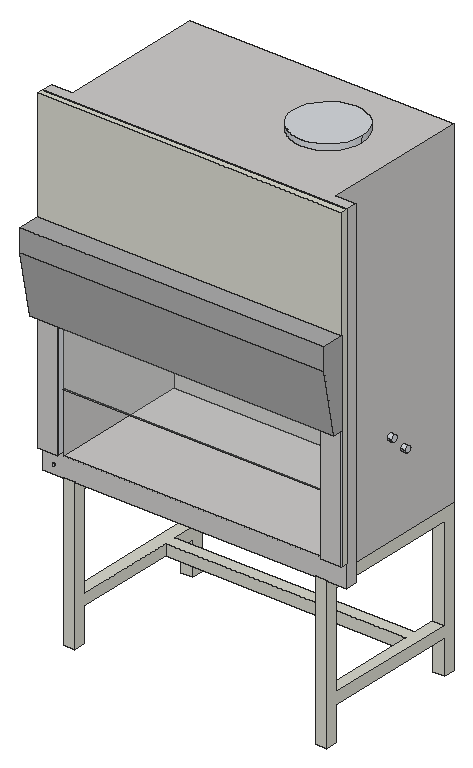
Revit family "BSC-Class-II_Type-B1_NuAire_Labgard_427", category Mechanical Equipment, Revit 2026
Family settings
  Round Connector Dimension = Use Radius
  Part Type = Normal
  Classification Number = 23.40.70.11.11.11.11
  Work Plane-Based = No
  Always vertical = Yes
  Cut with Voids When Loaded = No
  Maintain Annotation Orientation = No
  Shared = No
  Room Calculation Point = No
Parameters (values of type "400 - 36 WORK SURFACE HEIGHT")
  control panel = 1' - 6 13/16"
  WORK SURFACE HEIGHT = 2' - 2 1/2"
  WIDTH = 4' - 5 5/8"
  URL = "http://www.nuaire.com/"
  Type Comments = "Contact Sales for Info: 800-328-3352, 888-4-NUAIRE, www.nuaire.com"
  Specification = "http://www.arcat.com/specwizard/swlist.cgi?coid=46446&mf=04&coname=NuAire%20Laboratory%20Equipment%20Supply%20&webabrv=nuaire&swlist=115300nle.11600nle.Laboratory.Equipment_"
  Sales Information = "http://www.nuaire.com/contact-us/sales-requests.php"
  Room Inflow = 105 CFM
  Revision = "R1_12/2015"
  RING SIZE = 0' - 6"
  Product Properties = "http://www.nuaire.com/products/biological-safety-cabinets/class-ii-type-a2/labgard-es-energy-saver-nu-677-animal-handling-class-ii-type-a2-biological-safety-cabinet.html"
  Product Data = "http://www.arcat.com/arcatcos/cos46/arc46446.html"
  Model = "NU-427-400"
  Manufacturer Website = "http://www.nuaire.com/"
  Manufacturer Phone - Toll Free = "800-328-3352"
  Manufacturer Phone = "763-553-1270"
  Manufacturer Fax = "763-553-0459"
  Manufacturer Address = "2100 Fernbrook Lane, Plymouth, MN 55447 USA"
  Manufacturer = "Nuaire Inc"
  Keynote = "11 53 00"
  INTAKE RING SIDE = 1' - 2 5/16"
  INTAKE RING BACK = 1' - 0"
  Exhaust Flow = 271 CFM
  EXHAUST RING SIDE = 1' - 4 1/8"
  EXHAUST RING BACK = 1' - 0"
  Drawn By = ""
  Description = "Class II Type B1 Biological Safety Cabinet"
  Default Elevation = 0' - 0"
  DEPTH = 2' - 4"
  Coupling [instance] = 0' - 0 1/2"
  Copyright = "� 2015, ARCAT,Inc"
  Construction Details = "http://www.arcat.com/details/nuaire/nuaire.html?coid=46446"
  Assembly Code = "E1020720"
Types (4): name | Model
  600 - 36 WORK SURFACE HEIGHT | "NU-427-600"
  400 - 36 WORK SURFACE HEIGHT | "NU-427-400"
  600 - 30 WORK SURFACE HEIGHT | "NU-427-600"
  400 - 30 WORK SURFACE HEIGHT | "NU-427-400"
Reference planes (in)
  plane 1 "Center (Front/Back)": y = -37.77497
  plane 2: z = 0
  plane 3 "Center (Left/Right)": x = -17.66461
  plane 4: x = -44.47711
  plane 5: x = 9.14789
  plane 6: y = -23.77497
  plane 7: y = -51.77497
  plane 8: z = 26.5
  plane 9: z = 86.5
  plane 10: z = 8
Forms (in)
  Extrusion 1, solid
    sketch origin (-57.625, 3.875, 0) x (1, 0, 0) y (0, 1, 0)
      loop
        line (13.14789, -55.64997) -> (66.77289, -55.64997) -> (66.77289, -53.64997) -> (63.21039, -53.64997) -> (63.21039, -27.64997) -> (16.71039, -27.64997) -> (16.71039, -53.64997) -> (13.14789, -53.64997) -> (13.14789, -55.64997)
    from 26.5 to 86.5
  Extrusion 2, solid
    sketch origin (0, 0, 0) x (1, 0, 0) y (0, 1, 0)
      loop
        line (-40.91461, -23.77497) -> (-40.91461, -25.77497) -> (-38.91461, -25.77497) -> (-38.91461, -23.77497) -> (-40.91461, -23.77497)
      loop
        line (5.58539, -23.77497) -> (3.58539, -23.77497) -> (3.58539, -25.77497) -> (5.58539, -25.77497) -> (5.58539, -23.77497)
      loop
        line (5.58539, -51.77497) -> (5.58539, -49.77497) -> (3.58539, -49.77497) -> (3.58539, -51.77497) -> (5.58539, -51.77497)
      loop
        line (-40.91461, -49.77497) -> (-40.91461, -51.77497) -> (-38.91461, -51.77497) -> (-38.91461, -49.77497) -> (-40.91461, -49.77497)
    from 0 to 26.5
  Extrusion 3, solid
    sketch origin (-17.66461, 0, 0) x (0, 1, 0) y (0, 0, 1)
      loop
        circle (-35.08747, 40.3125) r 0.5
    from 23.25 to 24.25
  Extrusion 4, solid
    sketch origin (-17.66461, 0, 0) x (0, 1, 0) y (0, 0, 1)
      loop
        circle (-38.08747, 43.3125) r 0.5
    from 23.25 to 24.25
  Extrusion 5, solid
    sketch origin (0, -37.77497, 0) x (1, 0, 0) y (0, 0, 1)
      loop
        line (-40.91461, 30.5) -> (-40.91461, 52) -> (5.58539, 52) -> (5.58539, 30.5) -> (9.14789, 30.5) -> (9.14789, 86.5) -> (-44.47711, 86.5) -> (-44.47711, 30.5) -> (-40.91461, 30.5)
    from 14 to 15.125
  Extrusion 6, solid
    sketch origin (-17.66461, 0, 0) x (0, 1, 0) y (0, 0, 1)
      loop
        line (-52.89997, 52) -> (-52.89997, 67) -> (-56.89997, 67) -> (-56.89997, 63) -> (-54.64997, 52) -> (-52.89997, 52)
    from -26.8125 to 26.8125
  Extrusion 7, solid
    sketch origin (0, 0, 0) x (1, 0, 0) y (0, 1, 0)
      loop
        line (-40.91461, -25.77497) -> (-40.91461, -49.77497) -> (-38.91461, -49.77497) -> (-38.91461, -25.77497) -> (-40.91461, -25.77497)
      loop
        line (3.58539, -25.77497) -> (3.58539, -49.77497) -> (5.58539, -49.77497) -> (5.58539, -25.77497) -> (3.58539, -25.77497)
    from 24.5 to 26.5
  Extrusion 8, solid
    sketch origin (0, 0, 0) x (1, 0, 0) y (0, 1, 0)
      loop
        line (-40.91461, -25.77497) -> (-40.91461, -49.77497) -> (-38.91461, -49.77497) -> (-38.91461, -25.77497) -> (-40.91461, -25.77497)
      loop
        line (3.58539, -25.77497) -> (3.58539, -49.77497) -> (5.58539, -49.77497) -> (5.58539, -25.77497) -> (3.58539, -25.77497)
    from 6 to 8
  Extrusion 9, solid
    sketch origin (0, 0, 0) x (1, 0, 0) y (0, 1, 0)
      loop
        line (-38.91461, -29.77497) -> (-38.91461, -31.77497) -> (3.58539, -31.77497) -> (3.58539, -29.77497) -> (-38.91461, -29.77497)
    from 6 to 8
  Extrusion 10, solid
    sketch origin (0, -36.27497, 0) x (1, 0, 0) y (0, 0, 1)
      loop
        circle (-42.5927, 28) r 0.25
    from 15.5 to 7.5
  Extrusion 11, void
    sketch origin (0, -37.77497, -0.5) x (1, 0, 0) y (0, 0, 1)
      loop
        line (-40.85211, 30.5) -> (5.52289, 30.5) -> (5.52289, 59) -> (-40.85211, 59) -> (-40.85211, 30.5)
    from -10.38082 to 14
  Extrusion 12, solid
    sketch origin (0, -37.77497, 0) x (1, 0, 0) y (0, 0, 1)
      loop
        line (-40.91461, 40.5) -> (5.58539, 40.5) -> (5.58539, 52) -> (-40.91461, 52) -> (-40.91461, 40.5)
    from 14.25272 to 14
  Extrusion 13, solid
    sketch origin (0, -37.64785, 0) x (1, 0, 0) y (0, 0, 1)
      loop
        line (-44.47711, 52) -> (-44.47711, 30.5) -> (-40.91461, 30.5) -> (-40.91461, 52) -> (-44.47711, 52)
      loop
        line (9.14789, 52) -> (5.58539, 52) -> (5.58539, 30.5) -> (9.14789, 30.5) -> (9.14789, 52)
    from 15.25212 to 15.37712
  Extrusion 14, solid
    sketch origin (-12.22236, -4.23452, 0) x (1, 0, 0) y (0, 1, 0)
      loop
        circle (5.24525, -31.54045) r 6
    from 86.5 to 87.5
Cuts and joins
  Extrusion 11 cuts Extrusion 1
  joined: Extrusion 2, Extrusion 7, Extrusion 8, Extrusion 9
Lines and regions (in)
  model lines
    curve 1: line (-40.91461, -51.77497, 30.5) -> (5.58539, -51.77497, 30.5)
    curve 2: line (-40.91461, -51.77497, 40.5) -> (5.58539, -51.77497, 40.5)
    curve 3: spline (-25.66461, -55.75976, 57.42564) -> (-25.39201, -55.91536, 58.18634) -> (-24.59281, -56.06036, 58.89521) -> (-23.32146, -56.18487, 59.50392) -> (-21.66461, -56.28041, 59.97101) -> (-19.73516, -56.34046, 60.26463) -> (-17.66461, -56.36095, 60.36478) -> (-15.59405, -56.34046, 60.26463) -> (-13.66461, -56.28041, 59.97101) -> (-12.00775, -56.18487, 59.50392) -> (-10.7364, -56.06036, 58.89521) -> (-9.9372, -55.91536, 58.18634) -> (-9.66461, -55.75976, 57.42564) -> (-9.9372, -55.60416, 56.66493) -> (-10.7364, -55.45917, 55.95606) -> (-12.00775, -55.33466, 55.34735) -> (-13.66461, -55.23912, 54.88026) -> (-15.59405, -55.17906, 54.58664) -> (-17.66461, -55.15857, 54.48649) -> (-19.73516, -55.17906, 54.58664) -> (-21.66461, -55.23912, 54.88026) -> (-23.32146, -55.33466, 55.34735) -> (-24.59281, -55.45917, 55.95606) -> (-25.39201, -55.60416, 56.66493) -> (-25.66461, -55.75976, 57.42564)
Dimensions and locks (in)
  locked: plane 9 to plane 8 at 60
  equal spacing: plane 6, plane 1 "Center (Front/Back)", plane 7
  "DEPTH": plane 6 to plane 7
  equal spacing: plane 4, plane 3 "Center (Left/Right)", plane 5
  "WIDTH": plane 5 to plane 4
  "WORK SURFACE HEIGHT": plane 2 to plane 8
  Extrusion 1 sketch curve to Extrusion 1 sketch curve to Extrusion 1 sketch curve = 0' - 3 9/16" locked, 3' - 10 1/2"
  locked: Extrusion 1 sketch curve to Extrusion 1 sketch curve at 3.5625
  Extrusion 1 sketch curve to Extrusion 1 sketch curve to Extrusion 1 sketch curve = 2' - 2", 0' - 2" locked
  Extrusion 2 sketch curve to Extrusion 2 sketch curve to Extrusion 2 sketch curve = 0' - 2" locked, 2' - 0"  (x2)
  Extrusion 2 sketch curve to Extrusion 2 sketch curve to Extrusion 2 sketch curve = 0' - 2" locked, 3' - 6 1/2"  (x2)
  locked: Extrusion 2 sketch curve to Extrusion 2 sketch curve at 2  (x4)
  locked: Extrusion 1 to Extrusion 3 sketch curve at 13.8125
  locked: Extrusion 3 sketch curve to Extrusion 1 at 11.3125
  locked: Extrusion 4 sketch curve to Extrusion 1 at 14.3125
  locked: Extrusion 1 to Extrusion 4 sketch curve at 16.8125
  locked: Extrusion 3 to Extrusion 1 at 1
  locked: Extrusion 5 sketch curve to Extrusion 1 at 4
  locked: Extrusion 5 sketch curve to Extrusion 1 at 25.5
  locked: Extrusion 1 to Extrusion 5 at 1.125
  locked: Extrusion 6 sketch curve to Extrusion 6 sketch curve at 4  (x2)
  locked: Extrusion 7 to Extrusion 7 at 2
  locked: Extrusion 8 to Extrusion 8 at 2
  locked: plane 8 to plane 10 at 18.5
  equal spacing: Extrusion 9 sketch curve, Extrusion 9 sketch curve, Extrusion 6
  locked: Extrusion 9 sketch curve to plane 6 at 6
  "control panel": curve 3 to plane 4
  locked: Extrusion 1 to Extrusion 10 sketch curve at 1.8844
  locked: Extrusion 1 to Extrusion 10 sketch curve at 1.5
  Extrusion 1 to Extrusion 10 = 0' - 2"
  cut or joined group of Extrusion 1, Extrusion 11 to cut or joined group of Extrusion 1, Extrusion 11 = 0' - 3.61918"
  cut or joined group of Extrusion 1, Extrusion 11 to Extrusion 12 = 0' - 0.25272"
  cut or joined group of Extrusion 2, Extrusion 7, Extrusion 8, Extrusion 9 to cut or joined group of Extrusion 1, Extrusion 11 = 7' - 2 1/2"
  Extrusion 6 to cut or joined group of Extrusion 1, Extrusion 11 = 2' - 9 1/8"
  cut or joined group of Extrusion 2, Extrusion 7, Extrusion 8, Extrusion 9 to Extrusion 3 = 3' - 4 5/16"
  cut or joined group of Extrusion 2, Extrusion 7, Extrusion 8, Extrusion 9 to Extrusion 4 = 3' - 7 5/16"
  connector elem to cut or joined group of Extrusion 2, Extrusion 7, Extrusion 8, Extrusion 9 = 0' - 11 5/16"
  connector elem to cut or joined group of Extrusion 2, Extrusion 7, Extrusion 8, Extrusion 9 = 1' - 2 5/16"
  cut or joined group of Extrusion 2, Extrusion 7, Extrusion 8, Extrusion 9 to cut or joined group of Extrusion 2, Extrusion 7, Extrusion 8, Extrusion 9 = 2' - 4"
  "EXHAUST RING BACK": cut or joined group of Extrusion 1, Extrusion 11 to Extrusion 14 sketch curve
  "EXHAUST RING SIDE": Extrusion 14 sketch curve to cut or joined group of Extrusion 1, Extrusion 11
  plane 1 "Center (Front/Back)" to cut or joined group of Extrusion 1, Extrusion 11 = 1' - 2"
  locked: Extrusion 14 to Extrusion 5 at 1
  "Coupling": radius of Extrusion 3 sketch curve
  "Coupling": radius of Extrusion 4 sketch curve
  radius of Extrusion 14 sketch curve = 0' - 6"
  aligned: level to plane 2
  aligned and locked: plane 7 to Extrusion 1 sketch curve
  aligned and locked: Extrusion 1 sketch curve to plane 5
  aligned and locked: Extrusion 1 sketch curve to Extrusion 1 sketch curve
  aligned and locked: plane 9 to Extrusion 1
  aligned and locked: Extrusion 1 to plane 8
  aligned and locked: Extrusion 1 to plane 4
  aligned and locked: Extrusion 2 sketch curve to Extrusion 1  (x3)
  aligned and locked: Extrusion 1 to Extrusion 2 sketch curve
  aligned and locked: Extrusion 2 to level
  aligned and locked: plane 8 to Extrusion 2
  aligned and locked: Extrusion 2 to Extrusion 1
  aligned and locked: Extrusion 1 to Extrusion 2
  aligned and locked: Extrusion 3 to Extrusion 1
  aligned and locked: Extrusion 3 to Extrusion 4
  aligned and locked: Extrusion 4 to Extrusion 1
  aligned and locked: Extrusion 5 sketch curve to Extrusion 5 sketch curve
  aligned and locked: Extrusion 5 sketch curve to Extrusion 1  (x3)
  aligned and locked: Extrusion 1 to Extrusion 5 sketch curve  (x2)
  aligned and locked: Extrusion 5 to plane 7
  aligned and locked: Extrusion 6 to plane 4
  aligned and locked: Extrusion 6 to plane 5
  aligned and locked: Extrusion 2 to Extrusion 7 sketch curve  (x2)
  aligned and locked: Extrusion 7 sketch curve to Extrusion 2  (x4)
  aligned and locked: Extrusion 1 to Extrusion 7 sketch curve
  aligned and locked: Extrusion 7 sketch curve to Extrusion 1
  aligned: plane 8 to Extrusion 7
  aligned and locked: Extrusion 7 to Extrusion 1
  aligned and locked: Extrusion 8 sketch curve to Extrusion 7  (x3)
  aligned and locked: Extrusion 8 sketch curve to Extrusion 2  (x3)
  aligned and locked: Extrusion 1 to Extrusion 8 sketch curve
  aligned and locked: Extrusion 8 sketch curve to Extrusion 1
  aligned: plane 10 to Extrusion 8
  aligned and locked: plane 10 to Extrusion 8
  aligned and locked: Extrusion 8 to Extrusion 9  (x2)
  aligned: Extrusion 10 to Extrusion 1
  aligned and locked: cut or joined group of Extrusion 1, Extrusion 11 to Extrusion 12 sketch curve
  aligned and locked: Extrusion 12 sketch curve to curve 2
  aligned and locked: Extrusion 5 to Extrusion 12 sketch curve
  aligned and locked: Extrusion 12 sketch curve to Extrusion 5
  aligned and locked: Extrusion 12 to plane 7
  aligned and locked: Extrusion 13 sketch curve to Extrusion 6  (x4)
  aligned and locked: Extrusion 13 sketch curve to curve 1
  aligned and locked: Extrusion 13 sketch curve to Extrusion 5  (x2)
  aligned and locked: curve 1 to Extrusion 13 sketch curve
  aligned and locked: Extrusion 13 to Extrusion 5
  aligned and locked: Extrusion 14 to plane 9
  aligned and locked: plane 7 to Extrusion 10
Automatic sketch dimensions
  plane 7 to Extrusion 6 sketch curve = 0' - 5 1/8"
  Extrusion 6 sketch curve to Extrusion 6 sketch curve = 0' - 1 3/4"
  plane 8 to Extrusion 6 sketch curve = 2' - 1 1/2"
  Extrusion 6 sketch curve to Extrusion 6 sketch curve = 0' - 11"
  Extrusion 1 to curve 2 = 0' - 3 9/16"  (x2)
  Extrusion 1 to curve 1 = 0' - 3 9/16"  (x2)
  Extrusion 1 to curve 1 = 0' - 4"
  curve 1 to curve 2 = 0' - 10"
  plane 4 to Extrusion 9 sketch curve = 0' - 5 9/16"
  plane 5 to Extrusion 9 sketch curve = 0' - 5 9/16"
  Extrusion 9 sketch curve to Extrusion 9 sketch curve = 0' - 2"
  Extrusion 6 to curve 3 = 0' - 5.53797"
  curve 3 to curve 3 = 0' - 8"
  plane 4 to Extrusion 11 sketch curve = 0' - 3 5/8"
  plane 5 to Extrusion 11 sketch curve = 0' - 3 5/8"
  plane 8 to Extrusion 11 sketch curve = 0' - 3 1/2"
  Extrusion 11 sketch curve to plane 9 = 2' - 4"
  radius of Extrusion 10 sketch curve = 0' - 0 1/4"
Connectors (in)
  piping at (6.58539, -35.08747, 40.3125), diameter 1, driven by "Coupling"
    settings: on Extrusion 3, index 1, connector inside diameter 1", connector length 0' - 0", flow factor 0, pipe flow 0 GPM, pressure drop 0.00 psi, fitting loss kfactor 0, connector angle 0.00°, fixture units 0, engagement length 0' - 0", angle of deflection 0.00°, flow configuration 2, flow direction 1, fitting loss method 0, system type 7, joint type 0, gender type 0, connector reference index -1, connector utility 0, adjustable connector no, is connector primary yes, connector description ""
  piping at (6.58539, -38.08747, 43.3125), diameter 1, driven by "Coupling"
    settings: on Extrusion 4, index 2, connector inside diameter 1", connector length 0' - 0", flow factor 0, pipe flow 0 GPM, pressure drop 0.00 psi, fitting loss kfactor 0, connector angle 0.00°, fixture units 0, engagement length 0' - 0", angle of deflection 0.00°, flow configuration 0, flow direction 0, fitting loss method 0, system type 28, joint type 0, gender type 0, connector reference index -1, connector utility 0, adjustable connector no, is connector primary no, connector description ""
  electrical at (-42.5927, -51.77497, 28)
    settings: on Extrusion 10, index 4, voltage 115 V, apparent load 0 VA, apparent load phase1 0 VA, apparent load phase2 0 VA, apparent load phase3 0 VA, power factor 1, load classification "Power", number of poles 1, system type 31, power factor state 1, is connector primary yes, connector utility no, sub classification motor no, connector description "12 Ft. Power Cord 14 Ga. 3 wire, 15 Amp"
  hvac at (-6.97711, -35.77497, 87.5), driven by "RING SIZE"
    settings: on Extrusion 14, index 6, duct flow 0 CFM, flow factor 0, pres drop 0.00 in-wg, loss coef 0, conn angle 0.00°, conn width 12", conn height 12", conn diameter 12", duct sys type 3, conn prof type 0, flow config 0, flow direction 2, loss method 0, conn ref index -1, conn util no, is conn primary yes, conn desc "Classe II Type A2 Biological Safety Cabinet"
